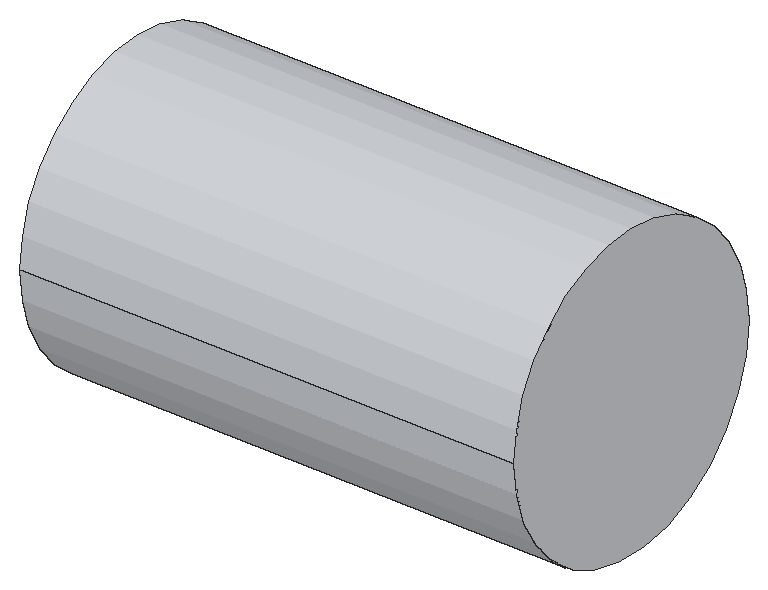
Revit family "M_Conexão sem abraçadeiras - Rosqueada - MI - Classe 300", category Conexões de tubo, Revit 2019
Family settings
  Cota do conector redondo = Usar raio
  Tipo de parte = União
  Número OmniClass = 23.60.30.11.14
  Título OmniClass = Pipework Fittings
  ID de item do Seek = Coupling without Bands - Threaded - MI - Class 300-0000-CAN-ENU
  Com base no plano de trabalho = Não
  Sempre na vertical = Sim
  Corte com vazios quando carregada = Não
  Compartilhado = Não
Parameters (values of type "Padrão")
  Tamanho da marca de revisão [instance] = Diâmetro externo do acoplamento * 0.4  # 8.32 mm
  Método de perda = Coeficiente K da tabela
  Nome da tabela de pesquisa = "M_Coupling without Bands - Threaded - MI - Class 300"
  Comprimento [instance] = size_lookup(Nome da tabela de pesquisa, "Lgt", 1.02 * Diâmetro nominal + 33.437 mm, Diâmetro nominal)  # 35.1 mm
  Raio nominal [instance] = 4 mm
  Diâmetro nominal [instance] = Raio nominal * 2  # 8 mm
  Tabela de coeficiente K = "Transição de contração/alargamento"
  Raio externo do acoplamento [instance] = Diâmetro externo do acoplamento / 2  # 10.4 mm
  Diâmetro externo do acoplamento [instance] = size_lookup(Nome da tabela de pesquisa, "COD", 1.18 * Diâmetro nominal + 12.898 mm, Diâmetro nominal)  # 20.8 mm
Reference planes
  plane 1 "Centro (Frente/Trás)": y = 0
  plane 2: z = 0
  plane 3 "Centro (Esquerda/Direita)": x = 0
  plane 4: x = -17.55
  plane 5: x = 17.55
Forms (mm)
  Extrusion 1, solid, detail levels fine
    sketch origin (0, 0, 0) x (0, 1, 0) y (0, 0, 1)
      loop
        circle (0, 0) r 10.4
    from -17.55 to 17.55
Lines and regions (mm)
  model lines, detail levels coarse+medium
    curve 1: line (17.55, 0, 0) -> (-17.55, 0, 0)
    curve 2: line (-17.55, 8.32, 0) -> (-17.55, -8.32, 0)
    curve 3: line (17.55, 8.32, 0) -> (17.55, -8.32, 0)
Dimensions and locks
  equal spacing: plane 4, plane 3 "Centro (Esquerda/Direita)", plane 5
  "Comprimento": plane 4 to plane 5
  equal spacing: curve 2, plane 1 "Centro (Frente/Trás)", curve 2
  equal spacing: curve 3, plane 1 "Centro (Frente/Trás)", curve 3
  "Tamanho da marca de revisão": plane 1 "Centro (Frente/Trás)" to curve 2
  "Tamanho da marca de revisão": plane 1 "Centro (Frente/Trás)" to curve 3
  "Raio externo do acoplamento": radius of Extrusion 1 sketch curve
  aligned and locked: level to Extrusion 1 sketch curve
  aligned and locked: plane 1 "Centro (Frente/Trás)" to Extrusion 1 sketch curve
  aligned and locked: Extrusion 1 to plane 4
  aligned and locked: plane 5 to Extrusion 1
  aligned and locked: plane 1 "Centro (Frente/Trás)" to curve 1
  aligned and locked: plane 5 to curve 1
  aligned and locked: plane 4 to curve 1
  aligned and locked: curve 2 to plane 4
  aligned and locked: curve 3 to plane 5
Connectors
  piping at (-17.55, 0, 0), diameter 8, driven by "Raio nominal"
    settings: on Extrusion 1, index 1, connector inside diameter 8 mm, connector length 0 mm, flow factor 0, pipe flow 0.0 L/s, pressure drop 0.0 Pa, fitting loss kfactor 0, connector angle 0.00°, fixture units 0, engagement length 0 mm, angle of deflection 0.00°, flow configuration 0, flow direction 0, fitting loss method 0, system type 28, joint type 0, gender type 0, connector reference index 2, connector utility 0, adjustable connector no, is connector primary yes, connector description ""
  piping at (17.55, 0, 0), diameter 8, driven by "Raio nominal"
    settings: on Extrusion 1, index 2, connector inside diameter 8 mm, connector length 0 mm, flow factor 0, pipe flow 0.0 L/s, pressure drop 0.0 Pa, fitting loss kfactor 0, connector angle 0.00°, fixture units 0, engagement length 0 mm, angle of deflection 0.00°, flow configuration 0, flow direction 0, fitting loss method 0, system type 28, joint type 0, gender type 0, connector reference index 1, connector utility 0, adjustable connector no, is connector primary no, connector description ""
